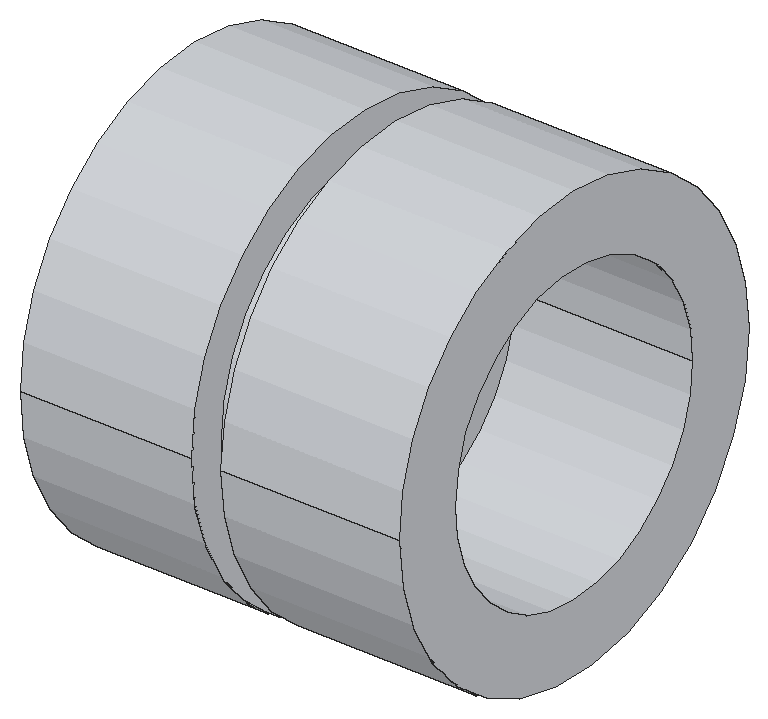
Revit family "Einflanschstück", category Rohrformteile, Revit 2020
Family settings
  Bemaßung runder Anschluss = Radius verwenden
  Teiletyp = Verbindung
  Arbeitsebenenbasiert = Nein
  Immer vertikal = Ja
  Beim Laden mit Abzugskörper schneiden = Nein
  Gemeinsam genutzt = Nein
Parameters (values of type "Standard")
  € [instance] = if(DN = 100 mm, 174.25, if(DN = 125 mm, 190.28, if(DN = 150 mm, 238.4, if(DN = 200 mm, 378.78, if(DN = 250 mm, 523.17, if(DN = 300 mm, 569.95, 0))))))  # 174.25
  kg [instance] = if(DN = 100 mm, 10.00 kg, if(DN = 125 mm, 12.40 kg, if(DN = 150 mm, 15.60 kg, if(DN = 200 mm, 23.00 kg, if(DN = 250 mm, 38.40 kg, if(DN = 300 mm, 45.60 kg, 0.00 kg))))))  # 10.00 kg
  Vorgabe-Ansicht = 0 mm
  Radius Muffe außen [instance] = Radius Muffe * 1.2  # 73.2 mm
  Radius Muffe [instance] = size_lookup("PressConnector", "Rad1", 0.52 * Nenndurchmesser + 2.5 mm, Nenndurchmesser)  # 61 mm
  Radius Muffenkontur [instance] = size_lookup("PressConnector", "Rad2", 0.018 * Nenndurchmesser + 2.5 mm, Nenndurchmesser)  # 10 mm
  Oberfläche [instance] = none
  Muffenkontur Abstand [instance] = size_lookup("PressConnector", "Lgt2", 0.15 * Nenndurchmesser + 7.4 mm, Nenndurchmesser)  # 20 mm
  Länge Muffe 2 [instance] = Nenndurchmesser / 2 * 1.2  # 60 mm
  Länge Muffe [instance] = 2.5 mm  # constant formula
  Radius außen [instance] = size_lookup(Name der Abruftabelle, "ORad1", 0.54 * Nenndurchmesser + 0.2 mm, Nenndurchmesser)  # 54 mm
  Nennradius [instance] = 50 mm
  Nenndurchmesser [instance] = Nennradius * 2  # 100 mm
  Verlustberechnungsmethode = K-Koeffizient aus Tabelle
  Name der Abruftabelle = "Transition Stainless Steel Press"
  Länge [instance] = 5 mm  # constant formula
  K-Koeffizient-Tabelle = "Reduktionsstück/Kupplung/Verbindung/Erweiterungsstück"
  DN [instance] = Nenndurchmesser  # 100 mm
  # [instance] = if(Nenndurchmesser = 100 mm, "F100EKB", if(Nenndurchmesser = 125 mm, "F125EKB", if(Nenndurchmesser = 150 mm, "F150EKB", if(Nenndurchmesser = 200 mm, "F200EKB", if(Nenndurchmesser = 250 mm, "F250EKB", if(Nenndurchmesser = 300 mm, "F300EKB", "-"))))))  # "F100EKB"
Reference planes
  plane 1 "Mitte (Vorne/hinten)": y = 0
  plane 2: z = 0
  plane 3 "Mitte (Links/rechts)": x = 0
  plane 4: x = 2.5
  plane 5: x = -5
  plane 6: x = 5
  plane 7: x = 15
  plane 8: y = 61
  plane 9: x = -15
  plane 10: z = 50
  plane 11: z = -50
  plane 12: y = 50
  plane 13: y = -50
  plane 14: x = -2.5
  plane 15: x = 65
  plane 16: x = -62.5
Forms (mm)
  Extrusion 1, solid, material <- "Oberfläche", detail levels fine
    sketch origin (2.5, 298.262, 1219.2) x (0, 1, 0) y (0, 0, 1)
      loop
        circle (-298.262, -1219.2) r 61
    from 0 to 2.5
  Extrusion 2, solid, material <- "Oberfläche", detail levels fine
    sketch origin (0, 0, 0) x (0, 1, 0) y (0, 0, 1)
      loop
        circle (0, 0) r 61
    from -2.5 to -5
  Blend 3, solid, material <- "Oberfläche", detail levels fine
    base sketch origin (0, 0, 0) x (0, 1, 0) y (0, 0, 1)
      loop
        circle (0, 0) r 54
    top sketch origin (0, 0, 0) x (0, 1, 0) y (0, 0, 1)
      loop
        circle (0, 0) r 54
    from -2.5 to 2.5
  Extrusion 4, solid
    sketch origin (0, 0, 0) x (0, 1, 0) y (0, 0, 1)
      loop
        circle (0, 0) r 50
      loop
        circle (0, 0) r 73.2
    from 5 to 65
  Extrusion 5, solid
    sketch origin (0, 0, 0) x (0, 1, 0) y (0, 0, 1)
      loop
        circle (0, 0) r 50
      loop
        circle (0, 0) r 73.2
    from -62.5 to -5
Lines and regions (mm)
  model lines, detail levels coarse+medium
    curve 1: line (-5, 0, 0) -> (5, 0, 0)
    curve 2: line (0, 50, 0) -> (0, -50, 0)
    curve 3: line (-2.5, 50, 0) -> (2.5, 50, 0)
    curve 4: line (-2.5, -50, 0) -> (2.5, -50, 0)
  model lines, style "Symbol", detail levels coarse+medium
    curve 5: line (-5, 0, 0) -> (5, 0, 0)
    curve 6: line (0, 0, 50) -> (0, 0, -50)
    curve 7: line (-2.5, 0, 50) -> (2.5, 0, 50)
    curve 8: line (-2.5, 0, -50) -> (2.5, 0, -50)
    curve 9: circle (0, 0, 0) r 50 normal (1, 0, 0)
Dimensions and locks
  "Länge": plane 14 to plane 4
  "Länge Muffe": plane 4 to plane 6
  "Länge Muffe": plane 5 to plane 14
  "Muffenkontur Abstand": plane 5 to plane 7
  "Muffenkontur Abstand": plane 9 to plane 6
  "Radius Muffe": plane 1 "Mitte (Vorne/hinten)" to plane 8
  equal spacing: plane 11, level, plane 10
  "Nennradius": level to plane 10
  equal spacing: plane 13, plane 1 "Mitte (Vorne/hinten)", plane 12
  "Nennradius": plane 1 "Mitte (Vorne/hinten)" to plane 12
  equal spacing: plane 14, plane 3 "Mitte (Links/rechts)", plane 4
  "Länge Muffe 2": plane 6 to plane 15
  "Länge Muffe 2": plane 16 to plane 14
  "Radius Muffe": radius of Extrusion 1 sketch curve
  "Radius Muffe": radius of Extrusion 2 sketch curve
  "Radius außen": radius of Blend 3 sketch curve  (x2)
  "Nennradius": radius of curve 9
  "Nennradius": radius of Extrusion 4 sketch curve
  "Nennradius": radius of Extrusion 5 sketch curve
  "Radius Muffe außen": radius of Extrusion 5 sketch curve
  "Radius Muffe außen": radius of Extrusion 4 sketch curve
  aligned and locked: plane 2 to level
  aligned and locked: Extrusion 1 to plane 6
  aligned and locked: Extrusion 1 to plane 4
  aligned and locked: Extrusion 2 to plane 5
  aligned and locked: Blend 3 to plane 4
  aligned and locked: Extrusion 2 to plane 14
  aligned and locked: Blend 3 to plane 14
  aligned and locked: plane 1 "Mitte (Vorne/hinten)" to curve 1
  aligned and locked: curve 2 to plane 3 "Mitte (Links/rechts)"
  aligned and locked: plane 12 to curve 3
  aligned and locked: plane 13 to curve 4
  aligned and locked: curve 5 to level
  aligned and locked: curve 6 to plane 3 "Mitte (Links/rechts)"
  aligned and locked: curve 7 to plane 10
  aligned and locked: curve 8 to plane 11
  aligned and locked: Extrusion 4 to plane 6
  aligned and locked: Extrusion 4 to plane 15
  aligned and locked: Extrusion 5 to plane 16
  aligned and locked: Extrusion 5 to plane 5
Automatic sketch dimensions
  curve 1 to plane 5 = 0 mm
  curve 3 to plane 14 = 0 mm
  curve 4 to plane 14 = 0 mm
  curve 3 to plane 4 = 0 mm
  curve 4 to plane 4 = 0 mm
  curve 1 to plane 6 = 0 mm
  curve 5 to plane 5 = 0 mm
  curve 7 to plane 14 = 0 mm
  curve 8 to plane 14 = 0 mm
  curve 7 to plane 4 = 0 mm
  curve 8 to plane 4 = 0 mm
  plane 6 to curve 5 = 0 mm
  Extrusion 1 sketch curve to level = 0 mm
  Extrusion 1 sketch curve to plane 1 "Mitte (Vorne/hinten)" = 0 mm
  Extrusion 2 sketch curve to level = 0 mm
  Extrusion 2 sketch curve to plane 1 "Mitte (Vorne/hinten)" = 0 mm
  Blend 3 sketch curve to level = 0 mm  (x2)
  Blend 3 sketch curve to plane 1 "Mitte (Vorne/hinten)" = 0 mm  (x2)
  curve 9 to level = 0 mm
  curve 9 to plane 1 "Mitte (Vorne/hinten)" = 0 mm
  Extrusion 4 sketch curve to Extrusion 4 sketch curve = 0 mm  (x2)
  Extrusion 4 sketch curve to level = 0 mm
  Extrusion 4 sketch curve to plane 1 "Mitte (Vorne/hinten)" = 0 mm
  Extrusion 5 sketch curve to Extrusion 5 sketch curve = 0 mm  (x2)
  Extrusion 5 sketch curve to level = 0 mm
  Extrusion 5 sketch curve to plane 1 "Mitte (Vorne/hinten)" = 0 mm
Connectors
  piping at (-5, 0, 0), diameter 100, driven by "Nennradius"
    settings: on Extrusion 2, index 1, connector inside diameter 40 mm, connector length 0 mm, flow factor 0, pipe flow 0 GPM, pressure drop 0.00 psi, fitting loss kfactor 0, connector angle 0.00°, fixture units 0, engagement length 0 mm, angle of deflection 0.00°, flow configuration 0, flow direction 0, fitting loss method 0, system type 28, joint type 0, gender type 0, connector reference index 2, connector utility 0, adjustable connector no, is connector primary yes, connector description ""
  piping at (5, 0, 0), diameter 100, driven by "Nennradius"
    settings: on Extrusion 1, index 2, connector inside diameter 40 mm, connector length 0 mm, flow factor 0, pipe flow 0 GPM, pressure drop 0.00 psi, fitting loss kfactor 0, connector angle 0.00°, fixture units 0, engagement length 0 mm, angle of deflection 0.00°, flow configuration 0, flow direction 0, fitting loss method 0, system type 28, joint type 0, gender type 0, connector reference index 1, connector utility 0, adjustable connector no, is connector primary no, connector description ""
